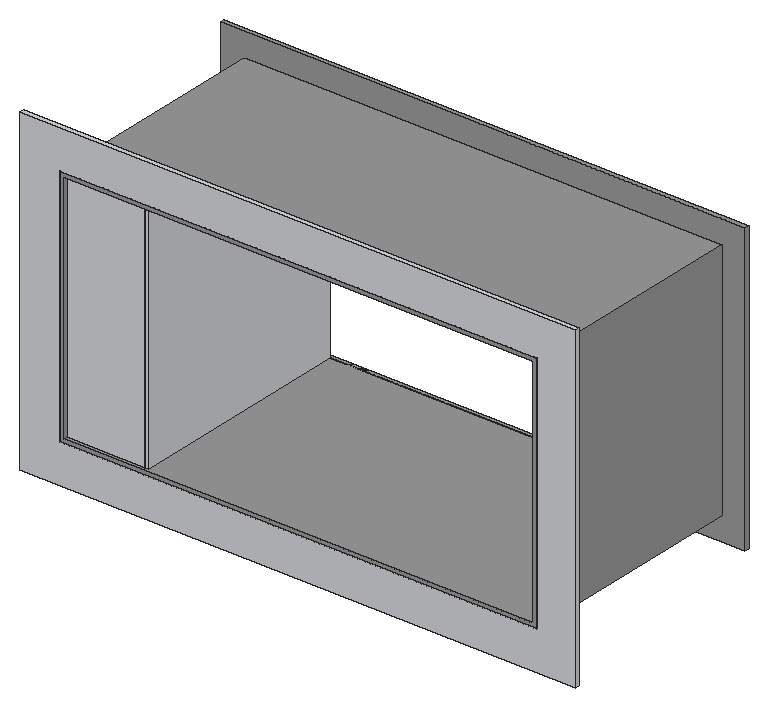
Revit family "Стеновой прямоугольный SVK1-НО-ЕI60-W-MS220-0-Kb 24.02.26", category Арматура воздуховодов, Revit 2022
Family settings
  Размер круглого соединителя = Использовать диаметр
  Тип детали = Вставляется
  На основе рабочей плоскости = Нет
  Всегда вертикально = Нет
  При загрузке вырезать с полостями = Нет
  Общий = Да
Parameters (values of type "SVK1-НО-ЕI60-W-600x300-GI-H-MSR220-0-Kb")
  Ширина = 600 mm
  Число створок = 1
  Толщина заслонки = 20 mm  # constant formula
  Скорость воздуха в живом сечении = ADSK_Расход воздуха / Площадь живого сечения  # 540.0 m/s
  Скорость в канале = ADSK_Расход воздуха / Высота / Ширина  # 3.0 m/s
  Площадь живого сечения = 0.001 m²  # constant formula
  Привод внутри/снаружи [instance] = yes
  Привод 1 = Красный типовой
  Плотность воздуха = 1.2000 kg/m³  # constant formula
  Отметка по умолчанию = 0 mm
  Ось движка = 102.5 mm  # constant formula
  Материал = Сталь AISI 5210 517, горячекатаная
  КМС = 0  # 0.000
  З/2 = Высота / 2 / Число створок  # 150 mm
  Длина = 300 mm
  Высота привода = 123 mm  # constant formula
  Высота = 300 mm
  Вылет заслонки [instance] = yes
  Вылет Х = 103 mm  # constant formula
  Hed = Ширина + 123 mm  # 723 mm
  ADSK_Ток = 0.030 A  # constant formula
  ADSK_Расход воздуха = 1944.0 m³/h
  ADSK_Примечание [instance] = ""
  ADSK_Предел огнестойкости = "60"  # constant formula
  ADSK_Потеря давления воздуха = КМС * ((Скорость в канале * Скорость в канале * Плотность воздуха) / 2)  # 0.0 Pa
  ADSK_Полная мощность = ADSK_Напряжение * ADSK_Ток  # 6.6 VA
  ADSK_Позиция на схеме [instance] = ""
  ADSK_Позиция [instance] = ""
  ADSK_Обозначение = "SVK1-НО-ЕI60-W"
  ADSK_Номинальная мощность = 5 W  # constant formula
  ADSK_Номер стояка [instance] = ""
  ADSK_Напряжение = 220 V  # constant formula
  ADSK_Наименование краткое = "SVK1-НО-ЕI60-W-600x300"
  ADSK_Наименование = "SVK1-НО-ЕI60-W-600x300-GI-H-MSR220-0-Kb"
  ADSK_Материал обозначение = "Противопожарный нормально закрытый стеновой клапан прямоугольного сечения"  # constant formula
  ADSK_Материал наименование = ""
  ADSK_Масса_Текст = "1"
  ADSK_Масса = 0
  ADSK_Марка = "SVK1-НО-ЕI60-W"  # constant formula
  ADSK_Коэффициент мощности = 1
  ADSK_Количество фаз числовое = 1  # constant formula
  ADSK_Количество фаз = 1  # constant formula
  ADSK_Количество = 1  # constant formula
  ADSK_Код изделия = "SVK1-НО-ЕI60-W"  # constant formula
  ADSK_Классификация нагрузок = ОВК
  ADSK_Завод-изготовитель = "WAER"  # constant formula
  ADSK_Единица измерения = "шт."  # constant formula
  ADSK_URL страницы изделия = ""
  ADSK_URL документации изделия = ""
Reference planes
  plane 1 "По центру (Вперед/Назад)": y = 0
  plane 2: z = 0
  plane 3 "По центру (Влево/Вправо)": x = 0
  plane 4: x = -300
  plane 5: y = -150
  plane 6: x = 300
  plane 7: y = 150
  plane 8: z = 150
  plane 9: z = -150
  plane 10: x = -335
  plane 11: x = 335
  plane 12: z = 185
  plane 13: z = -185
  plane 14: y = 145
  plane 15: y = -145
  plane 16: x = -305
  plane 17: z = -155
  plane 18: x = 305
  plane 19: z = 155
  plane 20 "Заслонка Х": y = -197.5
  plane 21: y = -47.5
  plane 22 "Заслонка Х1": y = 102.5
  plane 23: x = -214
Forms (mm)
  Extrusion 1, solid, material "Сталь AISI 5210 517, горячекатаная" <- "Материал", detail levels medium+fine
    sketch origin (0, 0, 0) x (1, 0, 0) y (0, 0, 1)
      loop
        line (-300, 150) -> (-300, -150) -> (300, -150) -> (300, 150) -> (-300, 150)
      loop
        line (-305, 155) -> (-305, -155) -> (305, -155) -> (305, 155) -> (-305, 155)
    from -150 to 150
  Extrusion 2, solid, material "Сталь AISI 5210 517, горячекатаная" <- "Материал", detail levels fine
    sketch origin (0, 0, 0) x (1, 0, 0) y (0, 0, 1)
      loop
        line (-335, 185) -> (-335, -185) -> (335, -185) -> (335, 185) -> (-335, 185)
      loop
        line (-300, 150) -> (-300, -150) -> (300, -150) -> (300, 150) -> (-300, 150)
    from -150 to -145
  Sweep 3, solid
    path in 3D
      loop
        line (-305, -150, 155) -> (-305, -150, -155) -> (305, -150, -155) -> (305, -150, 155) -> (-305, -150, 155)
    profile origin (0, -150, 155) x (0, -1, 0) y (0, 0, 1)
      loop
        line (0, 0) -> (0, 50) -> (-5, 50) -> (-5, 0) -> (0, 0)
  Extrusion 4, solid
    sketch origin (0, 0, 0) x (1, 0, 0) y (0, 0, 1)
      loop
        line (-200, 150) -> (-200, -150) -> (-195, -150) -> (-195, 150) -> (-200, 150)
    from -145 to 145
  Extrusion 5, solid
    sketch origin (0, 0, 0) x (1, 0, 0) y (0, 0, 1)
      loop
        line (-200, 150) -> (-305, 150) -> (-305, -150) -> (-200, -150) -> (-200, 150)
    from 140 to 145
Lines and regions (mm)
  sketch lines
    curve 1: line (305, -150, 155) -> (-305, -150, 155)
    curve 2: line (305, -150, -155) -> (305, -150, 155)
    curve 3: line (-305, -150, -155) -> (305, -150, -155)
    curve 4: line (-305, -150, 155) -> (-305, -150, -155)
Dimensions and locks
  equal spacing: plane 4, plane 3 "По центру (Влево/Вправо)", plane 6
  equal spacing: plane 7, plane 1 "По центру (Вперед/Назад)", plane 5
  "Длина": plane 7 to plane 5
  equal spacing: plane 8, level, plane 9
  "Высота": plane 8 to plane 9
  "Ширина": plane 6 to plane 4
  equal spacing: plane 11, plane 3 "По центру (Влево/Вправо)", plane 10
  plane 11 to plane 6 = 35 mm
  equal spacing: plane 12, level, plane 13
  plane 12 to plane 8 = 35 mm
  equal spacing: plane 14, plane 1 "По центру (Вперед/Назад)", plane 15
  plane 15 to plane 5 = 5 mm
  plane 19 to plane 8 = 5 mm
  plane 9 to plane 17 = 5 mm
  plane 4 to plane 16 = 5 mm
  plane 18 to plane 6 = 5 mm
  "Ось движка": plane 21 to plane 5
  equal spacing: plane 22 "Заслонка Х1", plane 21, plane 20 "Заслонка Х"
  "З/2": plane 21 to plane 20 "Заслонка Х"
  plane 7 to plane 22 "Заслонка Х1" = 47.5 mm
  plane 5 to plane 20 "Заслонка Х" = 47.5 mm
  locked: Extrusion 4 sketch curve to plane 4 at 100
  locked: Extrusion 4 sketch curve to Extrusion 4 sketch curve at 5
  locked: nested 2 to Extrusion 4
  aligned and locked: level to plane 2
  aligned and locked: Extrusion 1 sketch curve to plane 8
  aligned and locked: plane 4 to Extrusion 1 sketch curve
  aligned and locked: plane 9 to Extrusion 1 sketch curve
  aligned and locked: Extrusion 1 sketch curve to plane 6
  aligned and locked: plane 7 to Extrusion 1
  aligned and locked: Extrusion 1 to plane 5
  aligned and locked: Extrusion 2 sketch curve to plane 11
  aligned and locked: plane 13 to Extrusion 2 sketch curve
  aligned and locked: plane 10 to Extrusion 2 sketch curve
  aligned and locked: Extrusion 2 sketch curve to plane 12
  aligned and locked: plane 7 to Extrusion 2
  aligned and locked: Extrusion 2 to plane 14
  aligned and locked: plane 19 to Extrusion 1 sketch curve
  aligned and locked: plane 17 to Extrusion 1 sketch curve
  aligned and locked: plane 16 to Extrusion 1 sketch curve
  aligned and locked: Extrusion 1 sketch curve to plane 18
  aligned and locked: Extrusion 2 sketch curve to plane 8
  aligned and locked: plane 4 to Extrusion 2 sketch curve
  aligned and locked: plane 9 to Extrusion 2 sketch curve
  aligned and locked: Extrusion 2 sketch curve to plane 6
  aligned and locked: plane 3 "По центру (Влево/Вправо)" to nested 1
  aligned and locked: plane 1 "По центру (Вперед/Назад)" to nested 1
  aligned and locked: Extrusion 4 sketch curve to plane 8
  aligned and locked: plane 9 to Extrusion 4 sketch curve
  aligned and locked: plane 14 to Extrusion 4
  aligned and locked: Extrusion 4 to plane 15
  aligned and locked: Extrusion 4 to Extrusion 5 sketch curve
  aligned and locked: Extrusion 5 sketch curve to Extrusion 4
  aligned and locked: Extrusion 5 sketch curve to plane 9
  aligned and locked: Extrusion 1 to Extrusion 5 sketch curve
  aligned and locked: Extrusion 5 to plane 15
Automatic sketch dimensions
  Sweep 3 sketch curve to profile plane = 0 mm  (x2)
  profile plane to Sweep 3 sketch curve = 5 mm
  profile plane to Sweep 3 sketch curve = 50 mm
Nested families
  nested 1: "УГО Дымовой и противопожарный клапан" at (0, 0, 0), type "УГО Дымовой и противопожарный клапан", detail levels coarse
  nested 2: "Электропривод_верт_90" at (-260, -90, 0) x (0, 1, 0) z (0, 0, 1), visible <- "Привод внутри/снаружи", type "MS220", detail levels medium+fine
    with ADSK_Примечание "", ADSK_Позиция ""
Connectors
  hvac at (0, -150, 0), driven by "Высота", driven by "Ширина", driven by "ADSK_Расход воздуха", driven by "ADSK_Потеря давления воздуха"
    settings: on Extrusion 1, index 1, duct flow 1944.0 m³/h, flow factor 0, pres drop 0.0 Pa, loss coef 0, conn angle 0.00°, conn width 600 mm, conn height 300 mm, conn diameter 609.6 mm, duct sys type 29, conn prof type 1, flow config 0, flow direction 0, loss method 4, conn ref index 2, conn util no, is conn primary yes, conn desc ""
  hvac at (0, 150, 0), driven by "Высота", driven by "Ширина", driven by "ADSK_Расход воздуха", driven by "ADSK_Потеря давления воздуха"
    settings: on Extrusion 1, index 2, duct flow 1944.0 m³/h, flow factor 0, pres drop 0.0 Pa, loss coef 0, conn angle 0.00°, conn width 600 mm, conn height 300 mm, conn diameter 609.6 mm, duct sys type 29, conn prof type 1, flow config 0, flow direction 0, loss method 4, conn ref index 1, conn util no, is conn primary no, conn desc ""
  electrical at (-230, 72.558, -24.076)
    settings: on nested 2, index 3, voltage 0 V, apparent load 0 VA, apparent load phase1 0 VA, apparent load phase2 0 VA, apparent load phase3 0 VA, power factor 1, load classification "Прочее", number of poles 1, system type 13, power factor state 1, is connector primary yes, connector utility no, sub classification motor no, connector description ""
Definition of nested family "Электропривод_верт_90"
  Parameters (values of type "BFL230")
    Ширина центра = 50 mm
    Соединение = "1 м, 2 × 0,75 мм2"
    Default Elevation = 0 mm
    Description = "с пружинным возвратом/конденсатором"  # constant formula
    Межосевое подключение = 48 mm
    Корпус_x = none
    Клеммы = none
    Звездочка = Высота + 1 mm  # 49 mm
    Длина корпуса = 160 mm
    ГШ = 80 mm
    Высота = 48 mm
    Выс подкл = Высота - 18 mm  # 30 mm
    ADSK_Ток = 4.000 A
    ADSK_Примечание [instance] = ""
    ADSK_Предел огнестойкости = ""
    ADSK_Полная мощность = 6.5 VA
    ADSK_Позиция [instance] = ""
    ADSK_Обозначение = ""
    ADSK_Номинальная мощность = 3 W
    ADSK_Напряжение = 230 V
    ADSK_Наименование краткое = ""
    ADSK_Наименование = ""
    ADSK_Материал обозначение = ""
    ADSK_Материал наименование = ""
    ADSK_Масса_Текст = "1,1 кг"
    ADSK_Масса = 1.1  # constant formula
    ADSK_Марка = "BFL24"  # constant formula
    ADSK_Коэффициент мощности = 1
    ADSK_Количество фаз числовое = 1
    ADSK_Количество фаз = 1
    ADSK_Количество = 1  # constant formula
    ADSK_Код изделия = "BFL24"  # constant formula
    ADSK_Классификация нагрузок = none
    ADSK_Завод-изготовитель = "BELIMO"  # constant formula
    ADSK_Единица измерения = "шт."  # constant formula
    ADSK_URL страницы изделия = ""
    ADSK_URL документации изделия = ""
  Types (2, lengths in mm): name | ADSK_Ток | ADSK_Полная мощность | ADSK_Номинальная мощность | ADSK_Напряжение
    BFL230 | 4.000 A | 6.5 VA | 3 W | 230 V
    BFL24 | 8.300 A | 4 VA | 2.5 W | 24 V
  Reference planes
    plane 1 "По центру (Вперед/Назад)": y = 0
    plane 2: z = 0
    plane 3 "По центру (Влево/Вправо)": x = 0
    plane 4: x = -22.439
    plane 5: x = 137.561
    plane 6: z = -40.076
    plane 7: z = 39.924
    plane 8: z = -25.076
    plane 9: z = 24.924
    plane 10: x = 112.561
    plane 11: z = -40.076
    plane 12: z = 39.924
    plane 13: x = 142.561
    plane 14: y = -48
    plane 15: x = -24
    plane 16: x = 24
    plane 17: x = 212.561
    plane 18: x = 157.561
    plane 19: x = 177.561
    plane 20: x = 212.561
    plane 21: x = 157.561
    plane 22: x = 177.561
    plane 23: y = -30
  Forms (mm)
    Extrusion 1, solid, material <- "Корпус_x", detail levels medium+fine
      sketch origin (-0.439, -60, -0.076) x (0, 0, 1) y (1, 0, 0)
        loop
          line (-25, -22) -> (25, -22) -> (40, -13.34) -> (40, 113) -> (10, 113) -> (10, 138) -> (-10, 138) -> (-10, 113) -> (-40, 113) -> (-40, -13.34) -> (-25, -22)
      from 0 to 48 <- "Высота"
    Extrusion 2, solid, material <- "Клеммы", detail levels medium+fine
      sketch origin (-0.439, -60, -0.076) x (0, 0, 1) y (1, 0, 0)
        loop
          line (-40, 143) -> (-40, 113) -> (-10, 113) -> (-10, 143) -> (-40, 143)
        loop
          line (10, 143) -> (10, 113) -> (40, 113) -> (40, 143) -> (10, 143)
      from 12 to 48
    Extrusion 3, solid, material <- "Клеммы", detail levels fine
      sketch origin (-0.439, -60, -0.076) x (0, 0, 1) y (1, 0, 0)
        loop
          circle (0, 0) r 20
        loop
          circle (0, 0) r 15
        loop
          line (10.43, -6.022) -> (10.43, 6.022) -> (0, 12.043) -> (-10.43, 6.022) -> (-10.43, -6.022) -> (0, -12.043) -> (10.43, -6.022)
      from 48 <- "Высота" to 49 <- "Звездочка"
    Revolve 4, solid, material <- "Клеммы", detail levels fine
      sketch origin (-1524.439, -30, -101.97) x (0, 0, -1) y (-1, 0, 0)
        loop
          line (-77.895, -1667) -> (-77.895, -1737) -> (-74.82, -1737) -> (-74.82, -1702) -> (-72.813, -1699.633) -> (-72.813, -1697.089) -> (-74.82, -1697.089) -> (-74.82, -1694.582) -> (-72.813, -1694.582) -> (-72.813, -1692.082) -> (-74.82, -1692.082) -> (-74.82, -1689.54) -> (-72.813, -1689.54) -> (-72.813, -1686.997) -> (-74.82, -1686.997) -> (-74.82, -1684.455) -> (-72.813, -1684.455) -> (-72.813, -1682) -> (-70.754, -1669.002)
          arc (-70.754, -1669.002) -> (-69.64, -1667.55) -> (-67.895, -1667) r 3.043
          line (-67.895, -1667) -> (-77.895, -1667)
        axis (-77.895, -1737) -> (-77.895, -1667)
      angle from 0 to 360
    Revolve 5, solid, material <- "Клеммы", detail levels fine
      sketch origin (-1524.439, -30, -101.97) x (0, 0, -1) y (-1, 0, 0)
        loop
          line (-125.895, -1667) -> (-125.895, -1737) -> (-122.82, -1737) -> (-122.82, -1702) -> (-120.813, -1699.633) -> (-120.813, -1697.089) -> (-122.82, -1697.089) -> (-122.82, -1694.582) -> (-120.813, -1694.582) -> (-120.813, -1692.082) -> (-122.82, -1692.082) -> (-122.82, -1689.54) -> (-120.813, -1689.54) -> (-120.813, -1686.997) -> (-122.82, -1686.997) -> (-122.82, -1684.455) -> (-120.813, -1684.455) -> (-120.813, -1682) -> (-118.754, -1669.002)
          arc (-118.754, -1669.002) -> (-117.64, -1667.55) -> (-115.895, -1667) r 3.043
          line (-115.895, -1667) -> (-125.895, -1667)
        axis (-125.895, -1737) -> (-125.895, -1667)
      angle from 0 to 360
  Dimensions and locks
    "Длина корпуса": plane 5 to plane 4
    plane 6 to plane 7 = 80 mm
    "ГШ": plane 6 to plane 7
    plane 8 to plane 9 = 50 mm
    "Ширина центра": plane 8 to plane 9
    plane 5 to plane 10 = 25 mm
    plane 13 to Extrusion 1 = 30 mm
    plane 11 to plane 12 = 80 mm
    "ГШ": plane 11 to plane 12
    Extrusion 1 to plane 14 = 36 mm
    equal spacing: plane 15, plane 3 "По центру (Влево/Вправо)", plane 16
    "Межосевое подключение": plane 15 to plane 16
    plane 17 to Extrusion 2 = 70 mm
    Extrusion 1 to plane 18 = 180 mm
    plane 17 to plane 19 = 35 mm
    plane 20 to plane 22 = 35 mm
    "Выс подкл": plane 1 "По центру (Вперед/Назад)" to plane 23
    angle plane 4 to Extrusion 1 sketch curve = 30.00°
    angle Extrusion 1 sketch curve to plane 4 = 30.00°
    aligned and locked: level to plane 2
    aligned and locked: Extrusion 1 sketch curve to plane 4
    aligned and locked: plane 7 to Extrusion 1 sketch curve  (x2)
    aligned and locked: plane 6 to Extrusion 1 sketch curve  (x2)
    aligned and locked: Extrusion 1 sketch curve to plane 10
    aligned and locked: plane 10 to Extrusion 1 sketch curve  (x3)
    aligned and locked: plane 5 to Extrusion 1 sketch curve  (x2)
    aligned and locked: Extrusion 2 sketch curve to plane 13  (x2)
    aligned and locked: plane 11 to Extrusion 2 sketch curve
    aligned and locked: Extrusion 2 sketch curve to Extrusion 1  (x2)
    aligned and locked: Extrusion 2 sketch curve to plane 12
    aligned and locked: Extrusion 2 to plane 14
    aligned and locked: Extrusion 1 to Extrusion 2
    aligned and locked: Extrusion 2 to Revolve 4 sketch curve
    aligned and locked: Revolve 4 sketch curve to plane 17
    aligned and locked: plane 19 to Revolve 4 sketch curve
    aligned and locked: plane 18 to Revolve 4 sketch curve
    aligned and locked: Revolve 5 sketch curve to plane 20
    aligned and locked: plane 22 to Revolve 5 sketch curve
    aligned and locked: plane 21 to Revolve 5 sketch curve
  Automatic sketch dimensions
    Extrusion 3 sketch curve to Extrusion 3 sketch curve = 0 mm  (x2)
    Extrusion 3 sketch curve to level = 10.505 mm
    Extrusion 3 sketch curve to level = 0.076 mm  (x3)
    level to Extrusion 3 sketch curve = 10.354 mm
    plane 15 to Extrusion 3 sketch curve = 11.518 mm
    Extrusion 3 sketch curve to Extrusion 3 sketch curve = 6.022 mm  (x5)
    Extrusion 3 sketch curve to Extrusion 3 sketch curve = 12.043 mm
    Revolve 4 sketch curve to level = 24.076 mm  (x2)
    Revolve 4 sketch curve to Revolve 4 sketch curve = 3.075 mm
    plane 18 to Revolve 4 sketch curve = 2.455 mm
    Revolve 4 sketch curve to Revolve 4 sketch curve = 0 mm  (x3)
    plane 15 to Revolve 4 sketch curve = 189.101 mm
    Revolve 4 sketch curve to Revolve 4 sketch curve = 2.007 mm  (x4)
    Revolve 4 sketch curve to plane 18 = 12.998 mm
    Revolve 4 sketch curve to Revolve 4 sketch curve = 7.141 mm
    Revolve 4 sketch curve to Revolve 4 sketch curve = 2.859 mm
    Revolve 4 sketch curve to plane 19 = 2.367 mm
    Revolve 4 sketch curve to Revolve 4 sketch curve = 2.544 mm
    Revolve 4 sketch curve to Revolve 4 sketch curve = 2.507 mm
    Revolve 4 sketch curve to Revolve 4 sketch curve = 2.5 mm
    plane 15 to Revolve 4 sketch curve = 186.558 mm
    plane 16 to Revolve 4 sketch curve = 198.683 mm
    Revolve 4 sketch curve to Revolve 4 sketch curve = 41.798 mm
    Revolve 5 sketch curve to plane 21 = 15 mm
    level to Revolve 5 sketch curve = 23.924 mm  (x2)
    Revolve 5 sketch curve to Revolve 5 sketch curve = 3.075 mm
    plane 21 to Revolve 5 sketch curve = 2.455 mm
    Revolve 5 sketch curve to Revolve 5 sketch curve = 0 mm  (x3)
    plane 15 to Revolve 5 sketch curve = 189.101 mm
    Revolve 5 sketch curve to Revolve 5 sketch curve = 2.007 mm  (x4)
    Revolve 5 sketch curve to Revolve 5 sketch curve = 7.141 mm
    Revolve 5 sketch curve to Revolve 5 sketch curve = 2.859 mm
    Revolve 5 sketch curve to plane 22 = 2.367 mm
    Revolve 5 sketch curve to Revolve 5 sketch curve = 2.544 mm
    Revolve 5 sketch curve to Revolve 5 sketch curve = 2.507 mm
    Revolve 5 sketch curve to Revolve 5 sketch curve = 2.5 mm
    plane 15 to Revolve 5 sketch curve = 186.558 mm
    Revolve 5 sketch curve to Revolve 5 sketch curve = 3.043 mm
    plane 16 to Revolve 5 sketch curve = 198.683 mm
    Revolve 5 sketch curve to Revolve 5 sketch curve = 41.798 mm
    Extrusion 1 sketch curve to plane 8 = 0 mm
    Extrusion 1 sketch curve to plane 9 = 0 mm
    Extrusion 1 sketch curve to level = 10.076 mm
    level to Extrusion 1 sketch curve = 9.924 mm
    Extrusion 2 sketch curve to level = 10.076 mm
    level to Extrusion 2 sketch curve = 9.924 mm
    radius of Extrusion 3 sketch curve = 20 mm
    radius of Extrusion 3 sketch curve = 15 mm
Definition of nested family "УГО Дымовой и противопожарный клапан"
  Parameters (values of type "УГО Дымовой и противопожарный клапан")
    Ширина = 1100 mm
    Угол = atan(Высота / Ширина)  # 8.53077°
    Рад = Д / 2  # 20.625 mm
    Отступ2 = Рад / cos(Угол)  # 20.856 mm
    Отступ1 = Рад / sin(Угол)  # 139.038 mm
    Default Elevation = 0 mm
    Д = Высота * 0.25  # 41.25 mm
    Высота = 165 mm
  Reference planes
    plane 1 "По центру (Вперед/Назад)": y = 0
    plane 2: z = 0
    plane 3 "По центру (Влево/Вправо)": x = 0
    plane 4: x = -550
    plane 5: y = -82.5
    plane 6: x = 550
    plane 7: y = 82.5
    plane 8: x = 410.962
    plane 9: x = -410.962
    plane 10: y = 61.644
    plane 11: y = -61.644
  Lines and regions (mm)
    model lines
      curve 1: line (-550, 82.5, 0) -> (550, 82.5, 0)
      curve 2: line (-550, -82.5, 0) -> (-550, 82.5, 0)
      curve 3: line (550, -82.5, 0) -> (-550, -82.5, 0)
      curve 4: line (550, 82.5, 0) -> (550, -82.5, 0)
      curve 5: circle (0, 0, 0) r 20.625 normal (0, 0, 1)
      curve 6: line (-550, 82.5, 0) -> (550, -82.5, 0)
      curve 7: line (410.962, -82.5, 0) -> (-550, 61.644, 0)
      curve 8: line (550, -61.644, 0) -> (-410.962, 82.5, 0)
  Dimensions and locks
    equal spacing: plane 7, plane 1 "По центру (Вперед/Назад)", plane 5
    equal spacing: plane 4, plane 3 "По центру (Влево/Вправо)", plane 6
    "Ширина": plane 4 to plane 6
    "Высота": plane 7 to plane 5
    "Отступ1": plane 8 to plane 6
    "Отступ2": plane 7 to plane 10
    "Отступ2": plane 11 to plane 5
    "Отступ1": plane 4 to plane 9
    "Д": diameter of curve 5
    aligned and locked: level to plane 2
    aligned and locked: curve 1 to plane 7
    aligned and locked: plane 4 to curve 2
    aligned and locked: plane 5 to curve 3
    aligned and locked: curve 4 to plane 6
    aligned and locked: plane 3 "По центру (Влево/Вправо)" to curve 5
    aligned and locked: plane 1 "По центру (Вперед/Назад)" to curve 5
  Automatic sketch dimensions
    curve 8 to plane 9 = 0 mm
    curve 7 to plane 8 = 0 mm
    curve 8 to plane 11 = 0 mm
    curve 7 to plane 10 = 0 mm
Types (149, lengths in mm): name | Ширина | Число створок | Скорость воздуха в живом сечении | Скорость в канале | З/2 | Высота | Hed | ADSK_Расход воздуха | ADSK_Наименование краткое | ADSK_Наименование
  SVK1-НО-ЕI60-W-100x100-GI-H-MSR220-0-Kb | 505 | 1 | 675.0 m/s | 2.9703 m/s | 225 | 450 | 628 | 2430.0 m³/h | "SVK1-НО-ЕI60-W-500x450" | "SVK1-НО-ЕI60-W-500x450-GI-H-MSR220-0-Kb"
  SVK1-НО-ЕI60-W-150x100-GI-H-MSR220-0-Kb | 150 | 1 | 45.0 m/s | 3.0 m/s | 50 | 100 | 273 | 162.0 m³/h | "SVK1-НО-ЕI60-W-150x100" | "SVK1-НО-ЕI60-W-150x100-GI-H-MSR220-0-Kb"
  SVK1-НО-ЕI60-W-150x150-GI-H-MSR220-0-Kb | 150 | 1 | 67.5 m/s | 3.0 m/s | 75 | 150 | 273 | 243.0 m³/h | "SVK1-НО-ЕI60-W-150x150" | "SVK1-НО-ЕI60-W-150x150-GI-H-MSR220-0-Kb"
  SVK1-НО-ЕI60-W-200x100-GI-H-MSR220-0-Kb | 200 | 1 | 60.0 m/s | 3.0 m/s | 50 | 100 | 323 | 216.0 m³/h | "SVK1-НО-ЕI60-W-200x100" | "SVK1-НО-ЕI60-W-200x100-GI-H-MSR220-0-Kb"
  SVK1-НО-ЕI60-W-200x150-GI-H-MSR220-0-Kb | 200 | 1 | 90.0 m/s | 3.0 m/s | 75 | 150 | 323 | 324.0 m³/h | "SVK1-НО-ЕI60-W-200x150" | "SVK1-НО-ЕI60-W-200x150-GI-H-MSR220-0-Kb"
  SVK1-НО-ЕI60-W-200x200-GI-H-MSR220-0-Kb | 200 | 1 | 120.0 m/s | 3.0 m/s | 100 | 200 | 323 | 432.0 m³/h | "SVK1-НО-ЕI60-W-200x200" | "SVK1-НО-ЕI60-W-200x200-GI-H-MSR220-0-Kb"
  SVK1-НО-ЕI60-W-250x100-GI-H-MSR220-0-Kb | 250 | 1 | 75.0 m/s | 3.0 m/s | 50 | 100 | 373 | 270.0 m³/h | "SVK1-НО-ЕI60-W-250x100" | "SVK1-НО-ЕI60-W-250x100-GI-H-MSR220-0-Kb"
  SVK1-НО-ЕI60-W-250x150-GI-H-MSR220-0-Kb | 250 | 1 | 112.5 m/s | 3.0 m/s | 75 | 150 | 373 | 405.0 m³/h | "SVK1-НО-ЕI60-W-250x150" | "SVK1-НО-ЕI60-W-250x150-GI-H-MSR220-0-Kb"
  SVK1-НО-ЕI60-W-250x200-GI-H-MSR220-0-Kb | 250 | 1 | 150.0 m/s | 3.0 m/s | 100 | 200 | 373 | 540.0 m³/h | "SVK1-НО-ЕI60-W-250x200" | "SVK1-НО-ЕI60-W-250x200-GI-H-MSR220-0-Kb"
  SVK1-НО-ЕI60-W-250x250-GI-H-MSR220-0-Kb | 250 | 1 | 187.5 m/s | 3.0 m/s | 125 | 250 | 373 | 675.0 m³/h | "SVK1-НО-ЕI60-W-250x250" | "SVK1-НО-ЕI60-W-250x250-GI-H-MSR220-0-Kb"
  SVK1-НО-ЕI60-W-300x100-GI-H-MSR220-0-Kb | 300 | 1 | 90.0 m/s | 3.0 m/s | 50 | 100 | 423 | 324.0 m³/h | "SVK1-НО-ЕI60-W-300x100" | "SVK1-НО-ЕI60-W-300x100-GI-H-MSR220-0-Kb"
  SVK1-НО-ЕI60-W-300x150-GI-H-MSR220-0-Kb | 300 | 1 | 135.0 m/s | 3.0 m/s | 75 | 150 | 423 | 486.0 m³/h | "SVK1-НО-ЕI60-W-300x150" | "SVK1-НО-ЕI60-W-300x150-GI-H-MSR220-0-Kb"
  SVK1-НО-ЕI60-W-300x200-GI-H-MSR220-0-Kb | 300 | 1 | 180.0 m/s | 3.0 m/s | 100 | 200 | 423 | 648.0 m³/h | "SVK1-НО-ЕI60-W-300x200" | "SVK1-НО-ЕI60-W-300x200-GI-H-MSR220-0-Kb"
  SVK1-НО-ЕI60-W-300x250-GI-H-MSR220-0-Kb | 300 | 1 | 225.0 m/s | 3.0 m/s | 125 | 250 | 423 | 810.0 m³/h | "SVK1-НО-ЕI60-W-300x250" | "SVK1-НО-ЕI60-W-300x250-GI-H-MSR220-0-Kb"
  SVK1-НО-ЕI60-W-300x300-GI-H-MSR220-0-Kb | 300 | 1 | 270.0 m/s | 3.0 m/s | 150 | 300 | 423 | 972.0 m³/h | "SVK1-НО-ЕI60-W-300x300" | "SVK1-НО-ЕI60-W-300x300-GI-H-MSR220-0-Kb"
  SVK1-НО-ЕI60-W-350x150-GI-H-MSR220-0-Kb | 350 | 1 | 157.5 m/s | 3.0 m/s | 75 | 150 | 473 | 567.0 m³/h | "SVK1-НО-ЕI60-W-350x150" | "SVK1-НО-ЕI60-W-350x150-GI-H-MSR220-0-Kb"
  SVK1-НО-ЕI60-W-350x200-GI-H-MSR220-0-Kb | 350 | 1 | 210.0 m/s | 3.0 m/s | 100 | 200 | 473 | 756.0 m³/h | "SVK1-НО-ЕI60-W-350x200" | "SVK1-НО-ЕI60-W-350x200-GI-H-MSR220-0-Kb"
  SVK1-НО-ЕI60-W-350x250-GI-H-MSR220-0-Kb | 350 | 1 | 262.5 m/s | 3.0 m/s | 125 | 250 | 473 | 945.0 m³/h | "SVK1-НО-ЕI60-W-350x250" | "SVK1-НО-ЕI60-W-350x250-GI-H-MSR220-0-Kb"
  SVK1-НО-ЕI60-W-350x300-GI-H-MSR220-0-Kb | 350 | 1 | 315.0 m/s | 3.0 m/s | 150 | 300 | 473 | 1134.0 m³/h | "SVK1-НО-ЕI60-W-350x300" | "SVK1-НО-ЕI60-W-350x300-GI-H-MSR220-0-Kb"
  SVK1-НО-ЕI60-W-350x350-GI-H-MSR220-0-Kb | 350 | 1 | 367.5 m/s | 3.0 m/s | 175 | 350 | 473 | 1323.0 m³/h | "SVK1-НО-ЕI60-W-350x350" | "SVK1-НО-ЕI60-W-350x350-GI-H-MSR220-0-Kb"
  SVK1-НО-ЕI60-W-400x150-GI-H-MSR220-0-Kb | 400 | 1 | 180.0 m/s | 3.0 m/s | 75 | 150 | 523 | 648.0 m³/h | "SVK1-НО-ЕI60-W-400x150" | "SVK1-НО-ЕI60-W-400x150-GI-H-MSR220-0-Kb"
  SVK1-НО-ЕI60-W-400x200-GI-H-MSR220-0-Kb | 400 | 1 | 240.0 m/s | 3.0 m/s | 100 | 200 | 523 | 864.0 m³/h | "SVK1-НО-ЕI60-W-400x200" | "SVK1-НО-ЕI60-W-400x200-GI-H-MSR220-0-Kb"
  SVK1-НО-ЕI60-W-400x250-GI-H-MSR220-0-Kb | 400 | 1 | 300.0 m/s | 3.0 m/s | 125 | 250 | 523 | 1080.0 m³/h | "SVK1-НО-ЕI60-W-400x250" | "SVK1-НО-ЕI60-W-400x250-GI-H-MSR220-0-Kb"
  SVK1-НО-ЕI60-W-400x300-GI-H-MSR220-0-Kb | 400 | 1 | 360.0 m/s | 3.0 m/s | 150 | 300 | 523 | 1296.0 m³/h | "SVK1-НО-ЕI60-W-400x300" | "SVK1-НО-ЕI60-W-400x300-GI-H-MSR220-0-Kb"
  SVK1-НО-ЕI60-W-400x350-GI-H-MSR220-0-Kb | 400 | 1 | 420.0 m/s | 3.0 m/s | 175 | 350 | 523 | 1512.0 m³/h | "SVK1-НО-ЕI60-W-400x350" | "SVK1-НО-ЕI60-W-400x350-GI-H-MSR220-0-Kb"
  SVK1-НО-ЕI60-W-400x400-GI-H-MSR220-0-Kb | 400 | 1 | 480.0 m/s | 3.0 m/s | 200 | 400 | 523 | 1728.0 m³/h | "SVK1-НО-ЕI60-W-400x400" | "SVK1-НО-ЕI60-W-400x400-GI-H-MSR220-0-Kb"
  SVK1-НО-ЕI60-W-450x150-GI-H-MSR220-0-Kb | 450 | 1 | 202.5 m/s | 3.0 m/s | 75 | 150 | 573 | 729.0 m³/h | "SVK1-НО-ЕI60-W-450x150" | "SVK1-НО-ЕI60-W-450x150-GI-H-MSR220-0-Kb"
  SVK1-НО-ЕI60-W-450x200-GI-H-MSR220-0-Kb | 450 | 1 | 270.0 m/s | 3.0 m/s | 100 | 200 | 573 | 972.0 m³/h | "SVK1-НО-ЕI60-W-450x200" | "SVK1-НО-ЕI60-W-450x200-GI-H-MSR220-0-Kb"
  SVK1-НО-ЕI60-W-450x250-GI-H-MSR220-0-Kb | 450 | 1 | 337.5 m/s | 3.0 m/s | 125 | 250 | 573 | 1215.0 m³/h | "SVK1-НО-ЕI60-W-450x250" | "SVK1-НО-ЕI60-W-450x250-GI-H-MSR220-0-Kb"
  SVK1-НО-ЕI60-W-450x300-GI-H-MSR220-0-Kb | 450 | 1 | 405.0 m/s | 3.0 m/s | 150 | 300 | 573 | 1458.0 m³/h | "SVK1-НО-ЕI60-W-450x300" | "SVK1-НО-ЕI60-W-450x300-GI-H-MSR220-0-Kb"
  SVK1-НО-ЕI60-W-450x350-GI-H-MSR220-0-Kb | 450 | 1 | 472.5 m/s | 3.0 m/s | 175 | 350 | 573 | 1701.0 m³/h | "SVK1-НО-ЕI60-W-450x350" | "SVK1-НО-ЕI60-W-450x350-GI-H-MSR220-0-Kb"
  SVK1-НО-ЕI60-W-450x400-GI-H-MSR220-0-Kb | 450 | 1 | 540.0 m/s | 3.0 m/s | 200 | 400 | 573 | 1944.0 m³/h | "SVK1-НО-ЕI60-W-450x400" | "SVK1-НО-ЕI60-W-450x400-GI-H-MSR220-0-Kb"
  SVK1-НО-ЕI60-W-450x450-GI-H-MSR220-0-Kb | 450 | 1 | 607.5 m/s | 3.0 m/s | 225 | 450 | 573 | 2187.0 m³/h | "SVK1-НО-ЕI60-W-450x450" | "SVK1-НО-ЕI60-W-450x450-GI-H-MSR220-0-Kb"
  SVK1-НО-ЕI60-W-500x150-GI-H-MSR220-0-Kb | 500 | 1 | 225.0 m/s | 3.0 m/s | 75 | 150 | 623 | 810.0 m³/h | "SVK1-НО-ЕI60-W-500x150" | "SVK1-НО-ЕI60-W-500x150-GI-H-MSR220-0-Kb"
  SVK1-НО-ЕI60-W-500x200-GI-H-MSR220-0-Kb | 500 | 1 | 300.0 m/s | 3.0 m/s | 100 | 200 | 623 | 1080.0 m³/h | "SVK1-НО-ЕI60-W-500x200" | "SVK1-НО-ЕI60-W-500x200-GI-H-MSR220-0-Kb"
  SVK1-НО-ЕI60-W-500x250-GI-H-MSR220-0-Kb | 500 | 1 | 375.0 m/s | 3.0 m/s | 125 | 250 | 623 | 1350.0 m³/h | "SVK1-НО-ЕI60-W-500x250" | "SVK1-НО-ЕI60-W-500x250-GI-H-MSR220-0-Kb"
  SVK1-НО-ЕI60-W-500x300-GI-H-MSR220-0-Kb | 500 | 1 | 450.0 m/s | 3.0 m/s | 150 | 300 | 623 | 1620.0 m³/h | "SVK1-НО-ЕI60-W-500x300" | "SVK1-НО-ЕI60-W-500x300-GI-H-MSR220-0-Kb"
  SVK1-НО-ЕI60-W-500x350-GI-H-MSR220-0-Kb | 500 | 1 | 525.0 m/s | 3.0 m/s | 175 | 350 | 623 | 1890.0 m³/h | "SVK1-НО-ЕI60-W-500x350" | "SVK1-НО-ЕI60-W-500x350-GI-H-MSR220-0-Kb"
  SVK1-НО-ЕI60-W-500x400-GI-H-MSR220-0-Kb | 500 | 1 | 600.0 m/s | 3.0 m/s | 200 | 400 | 623 | 2160.0 m³/h | "SVK1-НО-ЕI60-W-500x400" | "SVK1-НО-ЕI60-W-500x400-GI-H-MSR220-0-Kb"
  SVK1-НО-ЕI60-W-500x450-GI-H-MSR220-0-Kb | 505 | 1 | 675.0 m/s | 2.9703 m/s | 225 | 450 | 628 | 2430.0 m³/h | "SVK1-НО-ЕI60-W-500x450" | "SVK1-НО-ЕI60-W-500x450-GI-H-MSR220-0-Kb"
  SVK1-НО-ЕI60-W-500x500-GI-H-MSR220-0-Kb | 500 | 1 | 750.0 m/s | 3.0 m/s | 250 | 500 | 623 | 2700.0 m³/h | "SVK1-НО-ЕI60-W-500x500" | "SVK1-НО-ЕI60-W-500x500-GI-H-MSR220-0-Kb"
  SVK1-НО-ЕI60-W-550x200-GI-H-MSR220-0-Kb | 550 | 1 | 330.0 m/s | 3.0 m/s | 100 | 200 | 673 | 1188.0 m³/h | "SVK1-НО-ЕI60-W-550x200" | "SVK1-НО-ЕI60-W-550x200-GI-H-MSR220-0-Kb"
  SVK1-НО-ЕI60-W-550x250-GI-H-MSR220-0-Kb | 550 | 1 | 412.5 m/s | 3.0 m/s | 125 | 250 | 673 | 1485.0 m³/h | "SVK1-НО-ЕI60-W-550x250" | "SVK1-НО-ЕI60-W-550x250-GI-H-MSR220-0-Kb"
  SVK1-НО-ЕI60-W-550x300-GI-H-MSR220-0-Kb | 550 | 1 | 495.0 m/s | 3.0 m/s | 150 | 300 | 673 | 1782.0 m³/h | "SVK1-НО-ЕI60-W-550x300" | "SVK1-НО-ЕI60-W-550x300-GI-H-MSR220-0-Kb"
  SVK1-НО-ЕI60-W-550x350-GI-H-MSR220-0-Kb | 550 | 1 | 577.5 m/s | 3.0 m/s | 175 | 350 | 673 | 2079.0 m³/h | "SVK1-НО-ЕI60-W-550x350" | "SVK1-НО-ЕI60-W-550x350-GI-H-MSR220-0-Kb"
  SVK1-НО-ЕI60-W-550x400-GI-H-MSR220-0-Kb | 550 | 1 | 660.0 m/s | 3.0 m/s | 200 | 400 | 673 | 2376.0 m³/h | "SVK1-НО-ЕI60-W-550x400" | "SVK1-НО-ЕI60-W-550x400-GI-H-MSR220-0-Kb"
  SVK1-НО-ЕI60-W-550x450-GI-H-MSR220-0-Kb | 550 | 1 | 742.5 m/s | 3.0 m/s | 225 | 450 | 673 | 2673.0 m³/h | "SVK1-НО-ЕI60-W-550x450" | "SVK1-НО-ЕI60-W-550x450-GI-H-MSR220-0-Kb"
  SVK1-НО-ЕI60-W-550x500-GI-H-MSR220-0-Kb | 550 | 1 | 825.0 m/s | 3.0 m/s | 250 | 500 | 673 | 2970.0 m³/h | "SVK1-НО-ЕI60-W-550x500" | "SVK1-НО-ЕI60-W-550x500-GI-H-MSR220-0-Kb"
  SVK1-НО-ЕI60-W-550x550-GI-H-MSR220-0-Kb | 550 | 1 | 907.5 m/s | 3.0 m/s | 275 | 550 | 673 | 3267.0 m³/h | "SVK1-НО-ЕI60-W-550x550" | "SVK1-НО-ЕI60-W-550x550-GI-H-MSR220-0-Kb"
  SVK1-НО-ЕI60-W-600x200-GI-H-MSR220-0-Kb | 600 | 1 | 360.0 m/s | 3.0 m/s | 100 | 200 | 723 | 1296.0 m³/h | "SVK1-НО-ЕI60-W-600x200-GI-H-MSR220-0-Kb" | "SVK1-НО-ЕI60-W-600x200-GI-H-MSR220-0-Kb"
  SVK1-НО-ЕI60-W-600x250-GI-H-MSR220-0-Kb | 600 | 1 | 450.0 m/s | 3.0 m/s | 125 | 250 | 723 | 1620.0 m³/h | "SVK1-НО-ЕI60-W-600x250" | "SVK1-НО-ЕI60-W-600x250-GI-H-MSR220-0-Kb"
  SVK1-НО-ЕI60-W-600x300-GI-H-MSR220-0-Kb | 600 | 1 | 540.0 m/s | 3.0 m/s | 150 | 300 | 723 | 1944.0 m³/h | "SVK1-НО-ЕI60-W-600x300" | "SVK1-НО-ЕI60-W-600x300-GI-H-MSR220-0-Kb"
  SVK1-НО-ЕI60-W-600x350-GI-H-MSR220-0-Kb | 600 | 1 | 630.0 m/s | 3.0 m/s | 175 | 350 | 723 | 2268.0 m³/h | "SVK1-НО-ЕI60-W-600x350" | "SVK1-НО-ЕI60-W-600x350-GI-H-MSR220-0-Kb"
  SVK1-НО-ЕI60-W-600x400-GI-H-MSR220-0-Kb | 600 | 1 | 720.0 m/s | 3.0 m/s | 200 | 400 | 723 | 2592.0 m³/h | "SVK1-НО-ЕI60-W-600x400" | "SVK1-НО-ЕI60-W-600x400-GI-H-MSR220-0-Kb"
  SVK1-НО-ЕI60-W-600x450-GI-H-MSR220-0-Kb | 600 | 1 | 810.0 m/s | 3.0 m/s | 225 | 450 | 723 | 2916.0 m³/h | "SVK1-НО-ЕI60-W-600x450" | "SVK1-НО-ЕI60-W-600x450-GI-H-MSR220-0-Kb"
  SVK1-НО-ЕI60-W-600x500-GI-H-MSR220-0-Kb | 600 | 1 | 900.0 m/s | 3.0 m/s | 250 | 500 | 723 | 3240.0 m³/h | "SVK1-НО-ЕI60-W-600x500" | "SVK1-НО-ЕI60-W-600x500-GI-H-MSR220-0-Kb"
  SVK1-НО-ЕI60-W-600x550-GI-H-MSR220-0-Kb | 600 | 1 | 990.0 m/s | 3.0 m/s | 275 | 550 | 723 | 3564.0 m³/h | "SVK1-НО-ЕI60-W-600x550" | "SVK1-НО-ЕI60-W-600x550-GI-H-MSR220-0-Kb"
  SVK1-НО-ЕI60-W-600x600-GI-H-MSR220-0-Kb | 600 | 1 | 1080.0 m/s | 3.0 m/s | 300 | 600 | 723 | 3888.0 m³/h | "SVK1-НО-ЕI60-W-600x600" | "SVK1-НО-ЕI60-W-600x600-GI-H-MSR220-0-Kb"
  SVK1-НО-ЕI60-W-650x250-GI-H-MSR220-0-Kb | 650 | 1 | 487.5 m/s | 3.0 m/s | 125 | 250 | 773 | 1755.0 m³/h | "SVK1-НО-ЕI60-W-650x250" | "SVK1-НО-ЕI60-W-650x250-GI-H-MSR220-0-Kb"
  SVK1-НО-ЕI60-W-650x300-GI-H-MSR220-0-Kb | 650 | 1 | 585.0 m/s | 3.0 m/s | 150 | 300 | 773 | 2106.0 m³/h | "SVK1-НО-ЕI60-W-650x300" | "SVK1-НО-ЕI60-W-650x300-GI-H-MSR220-0-Kb"
  SVK1-НО-ЕI60-W-650x350-GI-H-MSR220-0-Kb | 650 | 1 | 682.5 m/s | 3.0 m/s | 175 | 350 | 773 | 2457.0 m³/h | "SVK1-НО-ЕI60-W-650x350" | "SVK1-НО-ЕI60-W-650x350-GI-H-MSR220-0-Kb"
  SVK1-НО-ЕI60-W-650x400-GI-H-MSR220-0-Kb | 650 | 1 | 780.0 m/s | 3.0 m/s | 200 | 400 | 773 | 2808.0 m³/h | "SVK1-НО-ЕI60-W-650x400" | "SVK1-НО-ЕI60-W-650x400-GI-H-MSR220-0-Kb"
  SVK1-НО-ЕI60-W-650x450-GI-H-MSR220-0-Kb | 650 | 1 | 877.5 m/s | 3.0 m/s | 225 | 450 | 773 | 3159.0 m³/h | "SVK1-НО-ЕI60-W-650x450" | "SVK1-НО-ЕI60-W-650x450-GI-H-MSR220-0-Kb"
  SVK1-НО-ЕI60-W-650x500-GI-H-MSR220-0-Kb | 650 | 1 | 975.0 m/s | 3.0 m/s | 250 | 500 | 773 | 3510.0 m³/h | "SVK1-НО-ЕI60-W-650x500" | "SVK1-НО-ЕI60-W-650x500-GI-H-MSR220-0-Kb"
  SVK1-НО-ЕI60-W-650x550-GI-H-MSR220-0-Kb | 650 | 1 | 1072.5 m/s | 3.0 m/s | 275 | 550 | 773 | 3861.0 m³/h | "SVK1-НО-ЕI60-W-650x550" | "SVK1-НО-ЕI60-W-650x550-GI-H-MSR220-0-Kb"
  SVK1-НО-ЕI60-W-650x600-GI-H-MSR220-0-Kb | 650 | 1 | 1170.0 m/s | 3.0 m/s | 300 | 600 | 773 | 4212.0 m³/h | "SVK1-НО-ЕI60-W-650x600" | "SVK1-НО-ЕI60-W-650x600-GI-H-MSR220-0-Kb"
  SVK1-НО-ЕI60-W-650x650-GI-H-MSR220-0-Kb | 650 | 1 | 1267.5 m/s | 3.0 m/s | 325 | 650 | 773 | 4563.0 m³/h | "SVK1-НО-ЕI60-W-650x650" | "SVK1-НО-ЕI60-W-650x650-GI-H-MSR220-0-Kb"
  SVK1-НО-ЕI60-W-700x250-GI-H-MSR220-0-Kb | 700 | 1 | 525.0 m/s | 3.0 m/s | 125 | 250 | 823 | 1890.0 m³/h | "SVK1-НО-ЕI60-W-700x250" | "SVK1-НО-ЕI60-W-700x250-GI-H-MSR220-0-Kb"
  SVK1-НО-ЕI60-W-700x300-GI-H-MSR220-0-Kb | 700 | 1 | 630.0 m/s | 3.0 m/s | 150 | 300 | 823 | 2268.0 m³/h | "SVK1-НО-ЕI60-W-700x300" | "SVK1-НО-ЕI60-W-700x300-GI-H-MSR220-0-Kb"
  SVK1-НО-ЕI60-W-700x350-GI-H-MSR220-0-Kb | 700 | 1 | 735.0 m/s | 3.0 m/s | 175 | 350 | 823 | 2646.0 m³/h | "SVK1-НО-ЕI60-W-700x350" | "SVK1-НО-ЕI60-W-700x350-GI-H-MSR220-0-Kb"
  SVK1-НО-ЕI60-W-700x400-GI-H-MSR220-0-Kb | 700 | 1 | 840.0 m/s | 3.0 m/s | 200 | 400 | 823 | 3024.0 m³/h | "SVK1-НО-ЕI60-W-700x400" | "SVK1-НО-ЕI60-W-700x400-GI-H-MSR220-0-Kb"
  SVK1-НО-ЕI60-W-700x450-GI-H-MSR220-0-Kb | 700 | 1 | 945.0 m/s | 3.0 m/s | 225 | 450 | 823 | 3402.0 m³/h | "SVK1-НО-ЕI60-W-700x450" | "SVK1-НО-ЕI60-W-700x450-GI-H-MSR220-0-Kb"
  SVK1-НО-ЕI60-W-700x500-GI-H-MSR220-0-Kb | 700 | 1 | 1050.0 m/s | 3.0 m/s | 250 | 500 | 823 | 3780.0 m³/h | "SVK1-НО-ЕI60-W-700x500" | "SVK1-НО-ЕI60-W-700x500-GI-H-MSR220-0-Kb"
  SVK1-НО-ЕI60-W-700x550-GI-H-MSR220-0-Kb | 700 | 1 | 1155.0 m/s | 3.0 m/s | 275 | 550 | 823 | 4158.0 m³/h | "SVK1-НО-ЕI60-W-700x550" | "SVK1-НО-ЕI60-W-700x550-GI-H-MSR220-0-Kb"
  SVK1-НО-ЕI60-W-700x600-GI-H-MSR220-0-Kb | 700 | 1 | 1260.0 m/s | 3.0 m/s | 300 | 600 | 823 | 4536.0 m³/h | "SVK1-НО-ЕI60-W-700x600" | "SVK1-НО-ЕI60-W-700x600-GI-H-MSR220-0-Kb"
  SVK1-НО-ЕI60-W-700x650-GI-H-MSR220-0-Kb | 700 | 1 | 1365.0 m/s | 3.0 m/s | 325 | 650 | 823 | 4914.0 m³/h | "SVK1-НО-ЕI60-W-700x650" | "SVK1-НО-ЕI60-W-700x650-GI-H-MSR220-0-Kb"
  SVK1-НО-ЕI60-W-700x700-GI-H-MSR220-0-Kb | 700 | 1 | 1470.0 m/s | 3.0 m/s | 350 | 700 | 823 | 5292.0 m³/h | "SVK1-НО-ЕI60-W-700x700" | "SVK1-НО-ЕI60-W-700x700-GI-H-MSR220-0-Kb"
  SVK1-НО-ЕI60-W-750x250-GI-H-MSR220-0-Kb | 750 | 1 | 562.5 m/s | 3.0 m/s | 125 | 250 | 873 | 2025.0 m³/h | "SVK1-НО-ЕI60-W-750x250" | "SVK1-НО-ЕI60-W-750x250-GI-H-MSR220-0-Kb"
  SVK1-НО-ЕI60-W-750x300-GI-H-MSR220-0-Kb | 750 | 1 | 675.0 m/s | 3.0 m/s | 150 | 300 | 873 | 2430.0 m³/h | "SVK1-НО-ЕI60-W-750x300" | "SVK1-НО-ЕI60-W-750x300-GI-H-MSR220-0-Kb"
  SVK1-НО-ЕI60-W-750x350-GI-H-MSR220-0-Kb | 750 | 1 | 787.5 m/s | 3.0 m/s | 175 | 350 | 873 | 2835.0 m³/h | "SVK1-НО-ЕI60-W-750x350" | "SVK1-НО-ЕI60-W-750x350-GI-H-MSR220-0-Kb"
  SVK1-НО-ЕI60-W-750x400-GI-H-MSR220-0-Kb | 750 | 1 | 900.0 m/s | 3.0 m/s | 200 | 400 | 873 | 3240.0 m³/h | "SVK1-НО-ЕI60-W-750x400" | "SVK1-НО-ЕI60-W-750x400-GI-H-MSR220-0-Kb"
  SVK1-НО-ЕI60-W-750x450-GI-H-MSR220-0-Kb | 750 | 1 | 1012.5 m/s | 3.0 m/s | 225 | 450 | 873 | 3645.0 m³/h | "SVK1-НО-ЕI60-W-750x450" | "SVK1-НО-ЕI60-W-750x450-GI-H-MSR220-0-Kb"
  SVK1-НО-ЕI60-W-750x500-GI-H-MSR220-0-Kb | 750 | 1 | 1125.0 m/s | 3.0 m/s | 250 | 500 | 873 | 4050.0 m³/h | "SVK1-НО-ЕI60-W-750x500" | "SVK1-НО-ЕI60-W-750x500-GI-H-MSR220-0-Kb"
  SVK1-НО-ЕI60-W-750x550-GI-H-MSR220-0-Kb | 750 | 1 | 1237.5 m/s | 3.0 m/s | 275 | 550 | 873 | 4455.0 m³/h | "SVK1-НО-ЕI60-W-750x550" | "SVK1-НО-ЕI60-W-750x550-GI-H-MSR220-0-Kb"
  SVK1-НО-ЕI60-W-750x600-GI-H-MSR220-0-Kb | 750 | 1 | 1350.0 m/s | 3.0 m/s | 300 | 600 | 873 | 4860.0 m³/h | "SVK1-НО-ЕI60-W-750x600" | "SVK1-НО-ЕI60-W-750x600-GI-H-MSR220-0-Kb"
  SVK1-НО-ЕI60-W-750x650-GI-H-MSR220-0-Kb | 750 | 1 | 1462.5 m/s | 3.0 m/s | 325 | 650 | 873 | 5265.0 m³/h | "SVK1-НО-ЕI60-W-750x650" | "SVK1-НО-ЕI60-W-750x650-GI-H-MSR220-0-Kb"
  SVK1-НО-ЕI60-W-750x700-GI-H-MSR220-0-Kb | 750 | 1 | 1575.0 m/s | 3.0 m/s | 350 | 700 | 873 | 5670.0 m³/h | "SVK1-НО-ЕI60-W-750x700" | "SVK1-НО-ЕI60-W-750x700-GI-H-MSR220-0-Kb"
  SVK1-НО-ЕI60-W-750x750-GI-H-MSR220-0-Kb | 750 | 1 | 1687.5 m/s | 3.0 m/s | 375 | 750 | 873 | 6075.0 m³/h | "SVK1-НО-ЕI60-W-750x750" | "SVK1-НО-ЕI60-W-750x750-GI-H-MSR220-0-Kb"
  SVK1-НО-ЕI60-W-800x250-GI-H-MSR220-0-Kb | 800 | 1 | 600.0 m/s | 3.0 m/s | 125 | 250 | 923 | 2160.0 m³/h | "SVK1-НО-ЕI60-W-800x250" | "SVK1-НО-ЕI60-W-800x250-GI-H-MSR220-0-Kb"
  SVK1-НО-ЕI60-W-800x300-GI-H-MSR220-0-Kb | 800 | 1 | 720.0 m/s | 3.0 m/s | 150 | 300 | 923 | 2592.0 m³/h | "SVK1-НО-ЕI60-W-800x300" | "SVK1-НО-ЕI60-W-800x300-GI-H-MSR220-0-Kb"
  SVK1-НО-ЕI60-W-800x350-GI-H-MSR220-0-Kb | 800 | 1 | 840.0 m/s | 3.0 m/s | 175 | 350 | 923 | 3024.0 m³/h | "SVK1-НО-ЕI60-W-800x350" | "SVK1-НО-ЕI60-W-800x350-GI-H-MSR220-0-Kb"
  SVK1-НО-ЕI60-W-800x400-GI-H-MSR220-0-Kb | 800 | 1 | 960.0 m/s | 3.0 m/s | 200 | 400 | 923 | 3456.0 m³/h | "SVK1-НО-ЕI60-W-800x400" | "SVK1-НО-ЕI60-W-800x400-GI-H-MSR220-0-Kb"
  SVK1-НО-ЕI60-W-800x450-GI-H-MSR220-0-Kb | 800 | 1 | 1080.0 m/s | 3.0 m/s | 225 | 450 | 923 | 3888.0 m³/h | "SVK1-НО-ЕI60-W-800x450" | "SVK1-НО-ЕI60-W-800x450-GI-H-MSR220-0-Kb"
  SVK1-НО-ЕI60-W-800x500-GI-H-MSR220-0-Kb | 800 | 1 | 1200.0 m/s | 3.0 m/s | 250 | 500 | 923 | 4320.0 m³/h | "SVK1-НО-ЕI60-W-800x500" | "SVK1-НО-ЕI60-W-800x500-GI-H-MSR220-0-Kb"
  SVK1-НО-ЕI60-W-800x550-GI-H-MSR220-0-Kb | 800 | 1 | 1320.0 m/s | 3.0 m/s | 275 | 550 | 923 | 4752.0 m³/h | "SVK1-НО-ЕI60-W-800x550" | "SVK1-НО-ЕI60-W-800x550-GI-H-MSR220-0-Kb"
  SVK1-НО-ЕI60-W-800x600-GI-H-MSR220-0-Kb | 800 | 1 | 1440.0 m/s | 3.0 m/s | 300 | 600 | 923 | 5184.0 m³/h | "SVK1-НО-ЕI60-W-800x600" | "SVK1-НО-ЕI60-W-800x600-GI-H-MSR220-0-Kb"
  SVK1-НО-ЕI60-W-800x650-GI-H-MSR220-0-Kb | 800 | 1 | 1560.0 m/s | 3.0 m/s | 325 | 650 | 923 | 5616.0 m³/h | "SVK1-НО-ЕI60-W-800x650" | "SVK1-НО-ЕI60-W-800x650-GI-H-MSR220-0-Kb"
  SVK1-НО-ЕI60-W-800x700-GI-H-MSR220-0-Kb | 800 | 1 | 1680.0 m/s | 3.0 m/s | 350 | 700 | 923 | 6048.0 m³/h | "SVK1-НО-ЕI60-W-800x700" | "SVK1-НО-ЕI60-W-800x700-GI-H-MSR220-0-Kb"
  SVK1-НО-ЕI60-W-800x750-GI-H-MSR220-0-Kb | 800 | 1 | 1800.0 m/s | 3.0 m/s | 375 | 750 | 923 | 6480.0 m³/h | "SVK1-НО-ЕI60-W-800x750" | "SVK1-НО-ЕI60-W-800x750-GI-H-MSR220-0-Kb"
  SVK1-НО-ЕI60-W-800x800-GI-H-MSR220-0-Kb | 800 | 2 | 1920.0 m/s | 3.0 m/s | 200 | 800 | 923 | 6912.0 m³/h | "SVK1-НО-ЕI60-W-800x800" | "SVK1-НО-ЕI60-W-800x800-GI-H-MSR220-0-Kb"
  SVK1-НО-ЕI60-W-850x300-GI-H-MSR220-0-Kb | 850 | 1 | 765.0 m/s | 3.0 m/s | 150 | 300 | 973 | 2754.0 m³/h | "SVK1-НО-ЕI60-W-850x300" | "SVK1-НО-ЕI60-W-850x300-GI-H-MSR220-0-Kb"
  SVK1-НО-ЕI60-W-850x350-GI-H-MSR220-0-Kb | 850 | 1 | 892.5 m/s | 3.0 m/s | 175 | 350 | 973 | 3213.0 m³/h | "SVK1-НО-ЕI60-W-850x350" | "SVK1-НО-ЕI60-W-850x350-GI-H-MSR220-0-Kb"
  SVK1-НО-ЕI60-W-850x400-GI-H-MSR220-0-Kb | 850 | 1 | 1020.0 m/s | 3.0 m/s | 200 | 400 | 973 | 3672.0 m³/h | "SVK1-НО-ЕI60-W-850x400" | "SVK1-НО-ЕI60-W-850x400-GI-H-MSR220-0-Kb"
  SVK1-НО-ЕI60-W-850x450-GI-H-MSR220-0-Kb | 850 | 1 | 1147.5 m/s | 3.0 m/s | 225 | 450 | 973 | 4131.0 m³/h | "SVK1-НО-ЕI60-W-850x450" | "SVK1-НО-ЕI60-W-850x450-GI-H-MSR220-0-Kb"
  SVK1-НО-ЕI60-W-850x500-GI-H-MSR220-0-Kb | 850 | 1 | 1275.0 m/s | 3.0 m/s | 250 | 500 | 973 | 4590.0 m³/h | "SVK1-НО-ЕI60-W-850x500" | "SVK1-НО-ЕI60-W-850x500-GI-H-MSR220-0-Kb"
  SVK1-НО-ЕI60-W-850x550-GI-H-MSR220-0-Kb | 850 | 1 | 1402.5 m/s | 3.0 m/s | 275 | 550 | 973 | 5049.0 m³/h | "SVK1-НО-ЕI60-W-850x550" | "SVK1-НО-ЕI60-W-850x550-GI-H-MSR220-0-Kb"
  SVK1-НО-ЕI60-W-850x600-GI-H-MSR220-0-Kb | 850 | 1 | 1530.0 m/s | 3.0 m/s | 300 | 600 | 973 | 5508.0 m³/h | "SVK1-НО-ЕI60-W-850x600" | "SVK1-НО-ЕI60-W-850x600-GI-H-MSR220-0-Kb"
  SVK1-НО-ЕI60-W-850x650-GI-H-MSR220-0-Kb | 850 | 1 | 1657.5 m/s | 3.0 m/s | 325 | 650 | 973 | 5967.0 m³/h | "SVK1-НО-ЕI60-W-850x650" | "SVK1-НО-ЕI60-W-850x650-GI-H-MSR220-0-Kb"
  SVK1-НО-ЕI60-W-850x700-GI-H-MSR220-0-Kb | 850 | 1 | 1785.0 m/s | 3.0 m/s | 350 | 700 | 973 | 6426.0 m³/h | "SVK1-НО-ЕI60-W-850x700" | "SVK1-НО-ЕI60-W-850x700-GI-H-MSR220-0-Kb"
  SVK1-НО-ЕI60-W-850x750-GI-H-MSR220-0-Kb | 850 | 1 | 1912.5 m/s | 3.0 m/s | 375 | 750 | 973 | 6885.0 m³/h | "SVK1-НО-ЕI60-W-850x750" | "SVK1-НО-ЕI60-W-850x750-GI-H-MSR220-0-Kb"
  SVK1-НО-ЕI60-W-800x850-GI-H-MSR220-0-Kb | 800 | 2 | 2040.0 m/s | 3.0 m/s | 212.5 | 850 | 923 | 7344.0 m³/h | "SVK1-НО-ЕI60-W-800x850" | "SVK1-НО-ЕI60-W-800x850-GI-H-MSR220-0-Kb"
  SVK1-НО-ЕI60-W-850x850-GI-H-MSR220-0-Kb | 850 | 2 | 2167.5 m/s | 3.0 m/s | 212.5 | 850 | 973 | 7803.0 m³/h | "SVK1-НО-ЕI60-W-850x850" | "SVK1-НО-ЕI60-W-850x850-GI-H-MSR220-0-Kb"
  SVK1-НО-ЕI60-W-900x300-GI-H-MSR220-0-Kb | 900 | 1 | 810.0 m/s | 3.0 m/s | 150 | 300 | 1023 | 2916.0 m³/h | "SVK1-НО-ЕI60-W-900x300" | "SVK1-НО-ЕI60-W-900x300-GI-H-MSR220-0-Kb"
  SVK1-НО-ЕI60-W-900x350-GI-H-MSR220-0-Kb | 900 | 1 | 945.0 m/s | 3.0 m/s | 175 | 350 | 1023 | 3402.0 m³/h | "SVK1-НО-ЕI60-W-900x350" | "SVK1-НО-ЕI60-W-900x350-GI-H-MSR220-0-Kb"
  SVK1-НО-ЕI60-W-900x400-GI-H-MSR220-0-Kb | 900 | 1 | 1080.0 m/s | 3.0 m/s | 200 | 400 | 1023 | 3888.0 m³/h | "SVK1-НО-ЕI60-W-900x400" | "SVK1-НО-ЕI60-W-900x400-GI-H-MSR220-0-Kb"
  SVK1-НО-ЕI60-W-900x450-GI-H-MSR220-0-Kb | 900 | 1 | 1215.0 m/s | 3.0 m/s | 225 | 450 | 1023 | 4374.0 m³/h | "SVK1-НО-ЕI60-W-900x450" | "SVK1-НО-ЕI60-W-900x450-GI-H-MSR220-0-Kb"
  SVK1-НО-ЕI60-W-900x500-GI-H-MSR220-0-Kb | 900 | 1 | 1350.0 m/s | 3.0 m/s | 250 | 500 | 1023 | 4860.0 m³/h | "SVK1-НО-ЕI60-W-900x500" | "SVK1-НО-ЕI60-W-900x500-GI-H-MSR220-0-Kb"
  SVK1-НО-ЕI60-W-900x550-GI-H-MSR220-0-Kb | 900 | 1 | 1485.0 m/s | 3.0 m/s | 275 | 550 | 1023 | 5346.0 m³/h | "SVK1-НО-ЕI60-W-900x550" | "SVK1-НО-ЕI60-W-900x550-GI-H-MSR220-0-Kb"
  SVK1-НО-ЕI60-W-900x600-GI-H-MSR220-0-Kb | 900 | 1 | 1620.0 m/s | 3.0 m/s | 300 | 600 | 1023 | 5832.0 m³/h | "SVK1-НО-ЕI60-W-900x600" | "SVK1-НО-ЕI60-W-900x600-GI-H-MSR220-0-Kb"
  SVK1-НО-ЕI60-W-900x650-GI-H-MSR220-0-Kb | 900 | 1 | 1755.0 m/s | 3.0 m/s | 325 | 650 | 1023 | 6318.0 m³/h | "SVK1-НО-ЕI60-W-900x650" | "SVK1-НО-ЕI60-W-900x650-GI-H-MSR220-0-Kb"
  SVK1-НО-ЕI60-W-900x700-GI-H-MSR220-0-Kb | 900 | 1 | 1890.0 m/s | 3.0 m/s | 350 | 700 | 1023 | 6804.0 m³/h | "SVK1-НО-ЕI60-W-900x700" | "SVK1-НО-ЕI60-W-900x700-GI-H-MSR220-0-Kb"
  SVK1-НО-ЕI60-W-900x750-GI-H-MSR220-0-Kb | 900 | 1 | 2025.0 m/s | 3.0 m/s | 375 | 750 | 1023 | 7290.0 m³/h | "SVK1-НО-ЕI60-W-900x750" | "SVK1-НО-ЕI60-W-900x750-GI-H-MSR220-0-Kb"
  SVK1-НО-ЕI60-W-800x900-GI-H-MSR220-0-Kb | 800 | 2 | 2160.0 m/s | 3.0 m/s | 225 | 900 | 923 | 7776.0 m³/h | "SVK1-НО-ЕI60-W-800x900" | "SVK1-НО-ЕI60-W-800x900-GI-H-MSR220-0-Kb"
  SVK1-НО-ЕI60-W-850x900-GI-H-MSR220-0-Kb | 850 | 2 | 2295.0 m/s | 3.0 m/s | 225 | 900 | 973 | 8262.0 m³/h | "SVK1-НО-ЕI60-W-850x900" | "SVK1-НО-ЕI60-W-850x900-GI-H-MSR220-0-Kb"
  SVK1-НО-ЕI60-W-900x900-GI-H-MSR220-0-Kb | 900 | 2 | 2430.0 m/s | 3.0 m/s | 225 | 900 | 1023 | 8748.0 m³/h | "SVK1-НО-ЕI60-W-900x900" | "SVK1-НО-ЕI60-W-900x900-GI-H-MSR220-0-Kb"
  SVK1-НО-ЕI60-W-1000x350-GI-H-MSR220-0-Kb | 1000 | 1 | 1050.0 m/s | 3.0 m/s | 175 | 350 | 1123 | 3780.0 m³/h | "SVK1-НО-ЕI60-W-1000x350" | "SVK1-НО-ЕI60-W-1000x350-GI-H-MSR220-0-Kb"
  SVK1-НО-ЕI60-W-1000x400-GI-H-MSR220-0-Kb | 1000 | 1 | 1200.0 m/s | 3.0 m/s | 200 | 400 | 1123 | 4320.0 m³/h | "SVK1-НО-ЕI60-W-1000x400" | "SVK1-НО-ЕI60-W-1000x400-GI-H-MSR220-0-Kb"
  SVK1-НО-ЕI60-W-1000x450-GI-H-MSR220-0-Kb | 1000 | 1 | 1350.0 m/s | 3.0 m/s | 225 | 450 | 1123 | 4860.0 m³/h | "SVK1-НО-ЕI60-W-1000x450" | "SVK1-НО-ЕI60-W-1000x450-GI-H-MSR220-0-Kb"
  SVK1-НО-ЕI60-W-1000x500-GI-H-MSR220-0-Kb | 1000 | 1 | 1500.0 m/s | 3.0 m/s | 250 | 500 | 1123 | 5400.0 m³/h | "SVK1-НО-ЕI60-W-1000x500" | "SVK1-НО-ЕI60-W-1000x500-GI-H-MSR220-0-Kb"
  SVK1-НО-ЕI60-W-1000x550-GI-H-MSR220-0-Kb | 1000 | 1 | 1650.0 m/s | 3.0 m/s | 275 | 550 | 1123 | 5940.0 m³/h | "SVK1-НО-ЕI60-W-1000x550" | "SVK1-НО-ЕI60-W-1000x550-GI-H-MSR220-0-Kb"
  SVK1-НО-ЕI60-W-1000x600-GI-H-MSR220-0-Kb | 1000 | 1 | 1800.0 m/s | 3.0 m/s | 300 | 600 | 1123 | 6480.0 m³/h | "SVK1-НО-ЕI60-W-1000x600" | "SVK1-НО-ЕI60-W-1000x600-GI-H-MSR220-0-Kb"
